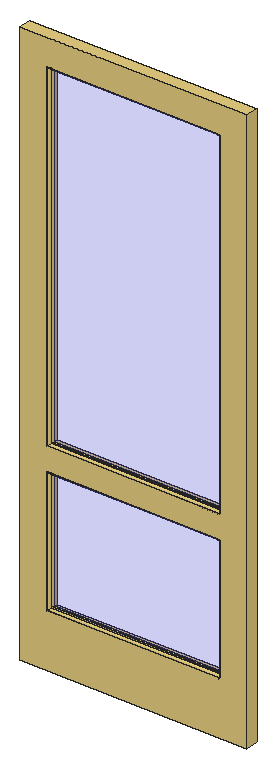
Revit family "DTI_A3-L2", category Generic Models, Revit 2016
Family settings
  Part Type = Undefined
  Can host rebar = No
  Round Connector Dimension = Use Diameter
  Work Plane-Based = No
  Always vertical = Yes
  Cut with Voids When Loaded = No
  Shared = No
  Room Calculation Point = No
Parameters (values of type "Single Door")
  Width = 813 mm
  Height = 2032 mm
  Glass Material = Glass
  Frame Material = Kiln Dried Wood
Reference planes
  plane 1 "Center (Front/Back)": y = 0
  plane 2: z = 0
  plane 3 "Center (Left/Right)": x = 0
  plane 4: x = -406.5
  plane 5: x = 406.5
  plane 6: z = 2032
  plane 7: z = 1972
  plane 8: z = 155
  plane 9: z = 677.333
  plane 10: z = 1354.667
Forms (mm)
  Sweep 1, solid, material "Kiln Dried Wood" <- "Frame Material"
    path origin (0, 0, 0) x (1, 0, 0) y (0, 0, 1)
      loop
        line (-406.5, 0) -> (406.5, 0)
    profile "Glass B : Glass B" origin (0, 0, 0) x (0, 0, 1) y (0, -1, 0)
      loop
        line (0, -22) -> (191, -22) -> (191, -10) -> (155, -10) -> (155, 2) -> (200, 2) -> (200, 12) -> (198, 12)
        arc (198, 12) -> (195.657, 17.657) -> (190, 20) r 8
        line (190, 20) -> (190, 22) -> (0, 22) -> (0, -22)
  Sweep 2, solid, material "Kiln Dried Wood" <- "Frame Material"
    path origin (0, 0, 0) x (1, 0, 0) y (0, 0, 1)
      loop
        line (-406.5, 155) -> (-406.5, 2032) -> (406.5, 2032) -> (406.5, 155)
    profile "Glass T : Glass T" origin (0, 0, 2032) x (0, 0, 1) y (0, -1, 0)
      loop
        line (0, -22) -> (0, 22) -> (-95, 22) -> (-95, 20)
        arc (-95, 20) -> (-100.657, 17.657) -> (-103, 12) r 8
        line (-103, 12) -> (-105, 12) -> (-105, 2) -> (-60, 2) -> (-60, -10) -> (-96, -10) -> (-96, -22) -> (0, -22)
  Extrusion 3, solid, material "Glass" <- "Glass Material"
    sketch origin (0, 0, 0) x (1, 0, 0) y (0, 1, 0)
      loop
        line (-346.5, 10) -> (-346.5, -2) -> (346.5, -2) -> (346.5, 10) -> (-346.5, 10)
    from 155 to 1972
  Sweep 4, solid, material "Kiln Dried Wood" <- "Frame Material"
    path origin (0, 0, 0) x (1, 0, 0) y (0, 0, 1)
      loop
        line (-406.5, 677.333) -> (406.5, 677.333)
    profile "Glass M : Glass M" origin (0, 0, 677.333) x (0, 0, 1) y (0, -1, 0)
      loop
        line (40.25, 22) -> (-40.25, 22) -> (-40.25, 20)
        arc (-40.25, 20) -> (-45.907, 17.657) -> (-48.25, 12) r 8
        line (-48.25, 12) -> (-50.25, 12) -> (-50.25, 2) -> (-5.25, 2) -> (-5.25, -10) -> (-41.25, -10) -> (-41.25, -22) -> (41.25, -22) -> (41.25, -10) -> (5.25, -10) -> (5.25, 2) -> (50.25, 2) -> (50.25, 12) -> (48.25, 12)
        arc (48.25, 12) -> (45.907, 17.657) -> (40.25, 20) r 8
        line (40.25, 20) -> (40.25, 22)
Cuts and joins
  joined: Sweep 1, Sweep 2, Sweep 4
Dimensions and locks
  equal spacing: plane 4, plane 3 "Center (Left/Right)", plane 5
  "Width": plane 4 to plane 5
  "Height": plane 6 to level
  locked: plane 8 to level at 155
  locked: plane 6 to plane 7 at 60
  equal spacing: plane 6, plane 10, plane 9, level
  aligned and locked: plane 4 to Sweep 1 sketch curve
  aligned and locked: plane 5 to Sweep 1 sketch curve
  aligned and locked: Sweep 1 sketch curve to level
  aligned and locked: plane 8 to Sweep 2 sketch curve  (x2)
  aligned and locked: Sweep 2 sketch curve to plane 6
  aligned and locked: plane 4 to Sweep 2 sketch curve
  aligned and locked: plane 5 to Sweep 2 sketch curve
  aligned and locked: cut or joined group of Sweep 1, Sweep 2, Sweep 4 to Extrusion 3 sketch curve
  aligned and locked: Extrusion 3 sketch curve to cut or joined group of Sweep 1, Sweep 2, Sweep 4  (x3)
  aligned and locked: plane 7 to Extrusion 3
  aligned and locked: Extrusion 3 to plane 8
  aligned and locked: plane 4 to Sweep 4 sketch curve
  aligned and locked: plane 5 to Sweep 4 sketch curve
  aligned and locked: Sweep 4 sketch curve to plane 9
